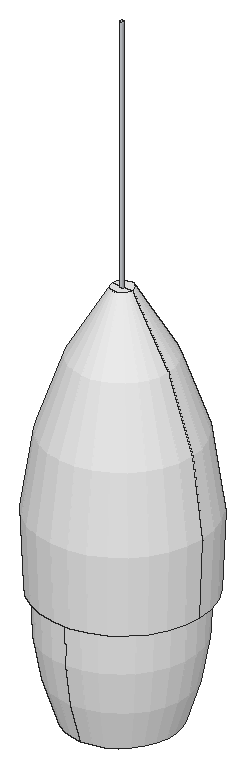
Revit family "Concido Pendant LED - Ceiling based", category Lighting Fixtures, host Ceiling, Revit 2014
Parameters (values of type "Concido Pendant LED")
  Wattage = 63 W
  WarrantyGuarantorParts = "n/a"
  WarrantyDurationParts = "n/a"
  WarrantyDescription = "n/a"
  built-in parameter 1150110 = 1 (stored number, unit not read)
  Version = "v.1.0"
  Uniclass2 = "Pr_70_70_49_43 Light-Emitting Diode (LED) Luminaires"
  Uniclass 1.4 = "JY73"
  URL = "http://riegens.com/concido-pendant-led"
  TotalWattage = "Max. 63W"
  built-in parameter 1114217 = 1 (stored number, unit not read)
  Tilt Angle = 90.00°
  built-in parameter 1150109 = 1 (stored number, unit not read)
  built-in parameter 1150134 = (empty or 0)
  TagNumber = "n/a"
  SustainabilityPerformance = "n/a"
  built-in parameter 1150113 = 1 (stored number, unit not read)
  SupplyCircuitConductorConnections = "n/a"
  Size = "Ø292 x 645 mm"
  Shape = "Circle"
  ProductInformation = "http://riegens.com/concido-pendant-led"
  PhotometricPerformance = "In accordance with BS EN 13032-1"
  Photometric Web File = "Concido Pendant LED DI 63W 3000K.ies"
  PhaseReference = "IEC recommendations"
  Optic = "Direct: Plain mirror reflector."
  Offset from ceiling = 400 mm
  NominalVoltage = "220-240V"
  ModelReference = "Concido Pendant LED"
  Model = "Concido Pendant LED"
  Material = "Aluminium and glass"
  ManufacturersSpecificInformation = "n/a"
  ManufacturerURL = "www.riegens.com"
  Manufacturer = "Riegens A/S"
  Lumens = 4977 lm
  LuminaireType = "Suspended Direct/Indirect LED Luminaire"
  LuminairePowerFactor = ">0,9"
  built-in parameter 1150115 = 1 (stored number, unit not read)
  built-in parameter 1150105 = 396.06 (stored number, unit not read)
  LightSource = "LED 3000K"
  LightFixturePlacingType = "Ceiling"
  LightFixtureMountingType = "Suspended"
  built-in parameter 1150137 = (empty or 0)
  built-in parameter 1150139 = (empty or 0)
  LampType = "LED"
  LampRating = "63W"
  LampColourRenderingIndex = "Ra>80"
  built-in parameter 1150112 = 1 (stored number, unit not read)
  built-in parameter 1150114 = 1 (stored number, unit not read)
  InternalFuse = "Only required in emergency versions"
  InsulationStandardClass = "Class 1"
  built-in parameter 1150132 = (empty or 0)
  built-in parameter 1150102 = (empty or 0)
  built-in parameter 1150138 = (empty or 0)
  built-in parameter 1150107 = 3000 (stored number, unit not read)
  built-in parameter 1150106 = 3.9606 (stored number, unit not read)
  IfcExportType = "NOTDEFINED'"
  IfcExportAs = "IfcLightFixtureType'"
  IP_Code = "IP20"
  Height 1 = 645 mm
  HasProtectiveEarth = "TRUE"
  Grade = "n/a"
  Glass = Riegens_Glass_opal
  Frame = Riegens_Aluminum_powder coated white
  Finish = "Powder coated"
  Features = "n/a"
  built-in parameter 1150104 = 7.3393 (stored number, unit not read)
  Documentation = "See URL hyperlink"
  DocumentReference = "See URL hyperlink"
  Dimming Lamp Color Temperature Shift = <None>
  Diameter 1 = 292 mm
  Description = "70-80-35 General Lighting Systems"
  ControlGearPosition = "Integrated "
  Constituents = "n/a"
  Colour = "White"
  Color Filter = 16777215
  CodePerformance = "n/a"
  CCSTopnode = "L"
  CCSClassName = "Belysningsarmatur"
  CCSClassCode = "UAC"
  BarCode = "n/a"
  BallastsCELMAEnergyEfficiencyIndex = "Class A1/A2"
  built-in parameter 1114218 = 1 (stored number, unit not read)
  BSAB 96 = "SNB.2"
  BIMObjectName = "Concido Pendant LED.rfa"
  Author = "3dbyggeri"
  built-in parameter 1150133 = 10 (stored number, unit not read)
  AssetType = "Moveable/Fixed"
  AssetIdentifier = "n/a"
  ArticleNumber = "See URL hyperlink"
  Apparent Load = 240 VA
  AccessibilityPerformance = "n/a"
Reference planes
  plane 1 "Light Source Axis (F/B)": y = 0
  plane 2: z = 0
  plane 3 "Light Source Axis (L/R)": x = 0
  plane 4 "Ceiling": z = 0
  plane 5 "Light Source Elevation": z = -1100.423
  plane 6: z = -895.423
  plane 7: x = -146
  plane 8: x = 146
  plane 9: z = -455.423
  plane 10: z = -1098.423
Forms (mm)
  Sweep 1, solid, material "Riegens_Aluminum_powder coated white" <- "Frame"
    path origin (0, 0, 0) x (0, 1, 0) y (-1, 0, 0)
      loop
        circle (0, 0) r 110
    profile origin (110, 0, 0) x (1, 0, 0) y (0, 0, 1)
      loop
        arc (-20.947, -1100.423) -> (8.712, -999.933) -> (16.162, -895.423) r 486.404
        line (16.162, -895.423) -> (-15.26, -895.423)
        arc (-15.26, -895.423) -> (-22.171, -999.871) -> (-51.26, -1100.423) r 486.592
        line (-51.26, -1100.423) -> (-20.947, -1100.423)
  Revolve 2, solid, material "Riegens_Aluminum_powder coated white" <- "Frame"
    sketch origin (2.192, 0, 20.904) x (1, 0, 0) y (0, 0, 1)
      loop
        line (0, -916.327) -> (0, -440.028) -> (-17.491, -440.028)
        arc (-17.491, -440.028) -> (-123.062, -666.663) -> (-136.35, -916.327) r 657.195
        line (-136.35, -916.327) -> (0, -916.327)
      axis (0, -440.028) -> (0, -916.327)
    angle from 0 to 360
  Extrusion 3, solid
    sketch origin (0, 0, 0) x (0, 1, 0) y (-1, 0, 0)
      loop
        circle (0, 0) r 3
    from -455.423 to 0
  Extrusion 4, solid
    sketch origin (0, 0, 0) x (1, 0, 0) y (0, 1, 0)
      loop
        circle (0, 0) r 59
    from -1100.423 to -1098.423
Dimensions and locks
  equal spacing: host sketch curve, plane 3 "Light Source Axis (L/R)", host sketch curve
  equal spacing: host sketch curve, plane 1 "Light Source Axis (F/B)", host sketch curve
  host sketch curve to host sketch curve = 4000 mm  (x2)
  plane 4 "Ceiling" to host ceiling = 0 mm
  equal spacing: plane 7, plane 3 "Light Source Axis (L/R)", plane 8
  "Offset from ceiling": plane 9 to level
  locked: plane 6 to plane 9 at 440
  "Height 1": plane 5 "Light Source Elevation" to plane 9
  "Diameter 1": plane 7 to plane 8
  plane 10 to level = 1098.423 mm
  locked: Extrusion 4 to plane 9 at 645
  locked: Extrusion 4 to plane 9 at 643
  aligned and locked: plane 3 "Light Source Axis (L/R)" to imposter light
  aligned and locked: plane 1 "Light Source Axis (F/B)" to imposter light
  aligned and locked: plane 5 "Light Source Elevation" to imposter light
  aligned and locked: plane 9 to Extrusion 3
  aligned and locked: Sweep 1 sketch curve to plane 6
  aligned and locked: Sweep 1 sketch curve to plane 5 "Light Source Elevation"
  aligned and locked: host ceiling to Extrusion 3
  aligned and locked: host ceiling to plane 4 "Ceiling"
  aligned and locked: plane 6 to Revolve 2
Automatic sketch dimensions
  plane 1 "Light Source Axis (F/B)" to Sweep 1 sketch curve = 0 mm
  Sweep 1 sketch curve to plane 3 "Light Source Axis (L/R)" = 0 mm
  plane 1 "Light Source Axis (F/B)" to Extrusion 3 sketch curve = 0 mm
  Extrusion 3 sketch curve to plane 3 "Light Source Axis (L/R)" = 0 mm
  Revolve 2 sketch curve to plane 6 = 0 mm
  Revolve 2 sketch curve to plane 7 = 11.842 mm
  plane 3 "Light Source Axis (L/R)" to Revolve 2 sketch curve = 2.192 mm  (x2)
  Revolve 2 sketch curve to plane 5 "Light Source Elevation" = 20.904 mm
  Revolve 2 sketch curve to plane 9 = 20.904 mm
  Revolve 2 sketch curve to Revolve 2 sketch curve = 17.491 mm
  Revolve 2 sketch curve to plane 6 = 90.543 mm
  profile plane to Sweep 1 sketch curve = 501.429 mm
  Sweep 1 sketch curve to Sweep 1 sketch curve = 31.516 mm
  profile plane to Sweep 1 sketch curve = 51.26 mm
  profile plane to Sweep 1 sketch curve = 20.947 mm
  profile plane to Sweep 1 sketch curve = 15.26 mm
  Sweep 1 sketch curve to profile plane = 16.162 mm
  Revolve 2 sketch curve to plane 9 = 36.299 mm
  plane 1 "Light Source Axis (F/B)" to Extrusion 4 sketch curve = 0 mm
  Extrusion 4 sketch curve to plane 3 "Light Source Axis (L/R)" = 0 mm
  radius of Sweep 1 sketch curve = 110 mm
  radius of Extrusion 3 sketch curve = 3 mm
  radius of Extrusion 4 sketch curve = 59 mm
Connectors
  electrical at (0, 0, -455.423)
    settings: on Extrusion 3, index 1, voltage 0 V, apparent load 0 VA, apparent load phase1 0 VA, apparent load phase2 0 VA, apparent load phase3 0 VA, power factor 1, load classification "Other", number of poles 1, system type 31, power factor state 1, is connector primary yes, connector utility no, sub classification motor no, connector description ""
